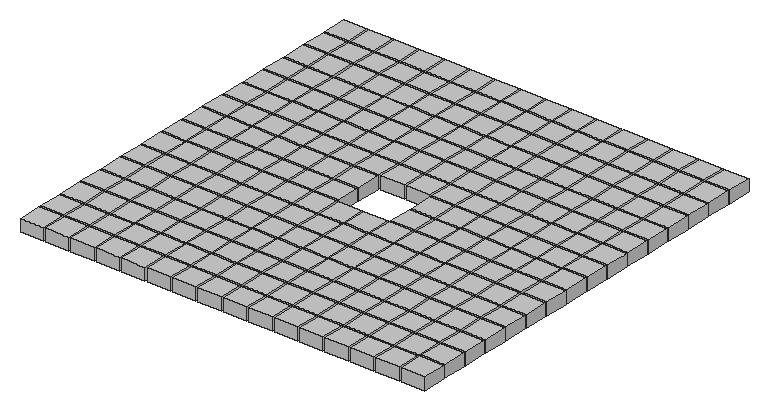
Revit family "Alcorque Ecológico", category Furniture, Revit 2020 (continued)
Forms (m)
  Extrusion 385, solid, material "ReBnew plástico", visible <- "A52"
    sketch origin (-0.5, -1, 0) x (1, 0, 0) y (0, 1, 0)
      loop
        line (-0.495, 0.495) -> (-0.495, 0.38) -> (-0.38, 0.38) -> (-0.38, 0.495) -> (-0.495, 0.495)
    from 0 to 0.06
  Extrusion 386, solid, material "ReBnew plástico", visible <- "A52"
    sketch origin (-0.375, -1, 0) x (1, 0, 0) y (0, 1, 0)
      loop
        line (-0.495, 0.495) -> (-0.495, 0.38) -> (-0.38, 0.38) -> (-0.38, 0.495) -> (-0.495, 0.495)
    from 0 to 0.06
  Extrusion 387, solid, material "ReBnew plástico", visible <- "A52"
    sketch origin (-0.25, -1, 0) x (1, 0, 0) y (0, 1, 0)
      loop
        line (-0.495, 0.495) -> (-0.495, 0.38) -> (-0.38, 0.38) -> (-0.38, 0.495) -> (-0.495, 0.495)
    from 0 to 0.06
  Extrusion 388, solid, material "ReBnew plástico", visible <- "A52"
    sketch origin (0.125, -1, 0) x (1, 0, 0) y (0, 1, 0)
      loop
        line (-0.495, 0.495) -> (-0.495, 0.38) -> (-0.38, 0.38) -> (-0.38, 0.495) -> (-0.495, 0.495)
    from 0 to 0.06
  Extrusion 389, solid, material "ReBnew plástico", visible <- "A52"
    sketch origin (0.25, -1, 0) x (1, 0, 0) y (0, 1, 0)
      loop
        line (-0.495, 0.495) -> (-0.495, 0.38) -> (-0.38, 0.38) -> (-0.38, 0.495) -> (-0.495, 0.495)
    from 0 to 0.06
  Extrusion 390, solid, material "ReBnew plástico", visible <- "A52"
    sketch origin (0.375, -1, 0) x (1, 0, 0) y (0, 1, 0)
      loop
        line (-0.495, 0.495) -> (-0.495, 0.38) -> (-0.38, 0.38) -> (-0.38, 0.495) -> (-0.495, 0.495)
    from 0 to 0.06
  Extrusion 391, solid, material "ReBnew plástico", visible <- "A52"
    sketch origin (-0.5, -1.125, 0) x (1, 0, 0) y (0, 1, 0)
      loop
        line (-0.495, 0.495) -> (-0.495, 0.38) -> (-0.38, 0.38) -> (-0.38, 0.495) -> (-0.495, 0.495)
    from 0 to 0.06
  Extrusion 392, solid, material "ReBnew plástico", visible <- "A52"
    sketch origin (-0.375, -1.125, 0) x (1, 0, 0) y (0, 1, 0)
      loop
        line (-0.495, 0.495) -> (-0.495, 0.38) -> (-0.38, 0.38) -> (-0.38, 0.495) -> (-0.495, 0.495)
    from 0 to 0.06
  Extrusion 393, solid, material "ReBnew plástico", visible <- "A52"
    sketch origin (-0.25, -1.125, 0) x (1, 0, 0) y (0, 1, 0)
      loop
        line (-0.495, 0.495) -> (-0.495, 0.38) -> (-0.38, 0.38) -> (-0.38, 0.495) -> (-0.495, 0.495)
    from 0 to 0.06
  Extrusion 394, solid, material "ReBnew plástico", visible <- "A52"
    sketch origin (-0.125, -1.125, 0) x (1, 0, 0) y (0, 1, 0)
      loop
        line (-0.495, 0.495) -> (-0.495, 0.38) -> (-0.38, 0.38) -> (-0.38, 0.495) -> (-0.495, 0.495)
    from 0 to 0.06
  Extrusion 395, solid, material "ReBnew plástico", visible <- "A52"
    sketch origin (0, -1.125, 0) x (1, 0, 0) y (0, 1, 0)
      loop
        line (-0.495, 0.495) -> (-0.495, 0.38) -> (-0.38, 0.38) -> (-0.38, 0.495) -> (-0.495, 0.495)
    from 0 to 0.06
  Extrusion 396, solid, material "ReBnew plástico", visible <- "A52"
    sketch origin (0.125, -1.125, 0) x (1, 0, 0) y (0, 1, 0)
      loop
        line (-0.495, 0.495) -> (-0.495, 0.38) -> (-0.38, 0.38) -> (-0.38, 0.495) -> (-0.495, 0.495)
    from 0 to 0.06
  Extrusion 397, solid, material "ReBnew plástico", visible <- "A52"
    sketch origin (0.25, -1.125, 0) x (1, 0, 0) y (0, 1, 0)
      loop
        line (-0.495, 0.495) -> (-0.495, 0.38) -> (-0.38, 0.38) -> (-0.38, 0.495) -> (-0.495, 0.495)
    from 0 to 0.06
  Extrusion 398, solid, material "ReBnew plástico", visible <- "A52"
    sketch origin (0.375, -1.125, 0) x (1, 0, 0) y (0, 1, 0)
      loop
        line (-0.495, 0.495) -> (-0.495, 0.38) -> (-0.38, 0.38) -> (-0.38, 0.495) -> (-0.495, 0.495)
    from 0 to 0.06
  Extrusion 399, solid, material "ReBnew plástico", visible <- "A52"
    sketch origin (-0.5, -1.25, 0) x (1, 0, 0) y (0, 1, 0)
      loop
        line (-0.495, 0.495) -> (-0.495, 0.38) -> (-0.38, 0.38) -> (-0.38, 0.495) -> (-0.495, 0.495)
    from 0 to 0.06
  Extrusion 400, solid, material "ReBnew plástico", visible <- "A52"
    sketch origin (-0.375, -1.25, 0) x (1, 0, 0) y (0, 1, 0)
      loop
        line (-0.495, 0.495) -> (-0.495, 0.38) -> (-0.38, 0.38) -> (-0.38, 0.495) -> (-0.495, 0.495)
    from 0 to 0.06
  Extrusion 401, solid, material "ReBnew plástico", visible <- "A52"
    sketch origin (-0.25, -1.25, 0) x (1, 0, 0) y (0, 1, 0)
      loop
        line (-0.495, 0.495) -> (-0.495, 0.38) -> (-0.38, 0.38) -> (-0.38, 0.495) -> (-0.495, 0.495)
    from 0 to 0.06
  Extrusion 402, solid, material "ReBnew plástico", visible <- "A52"
    sketch origin (-0.125, -1.25, 0) x (1, 0, 0) y (0, 1, 0)
      loop
        line (-0.495, 0.495) -> (-0.495, 0.38) -> (-0.38, 0.38) -> (-0.38, 0.495) -> (-0.495, 0.495)
    from 0 to 0.06
  Extrusion 403, solid, material "ReBnew plástico", visible <- "A52"
    sketch origin (0, -1.25, 0) x (1, 0, 0) y (0, 1, 0)
      loop
        line (-0.495, 0.495) -> (-0.495, 0.38) -> (-0.38, 0.38) -> (-0.38, 0.495) -> (-0.495, 0.495)
    from 0 to 0.06
  Extrusion 404, solid, material "ReBnew plástico", visible <- "A52"
    sketch origin (0.125, -1.25, 0) x (1, 0, 0) y (0, 1, 0)
      loop
        line (-0.495, 0.495) -> (-0.495, 0.38) -> (-0.38, 0.38) -> (-0.38, 0.495) -> (-0.495, 0.495)
    from 0 to 0.06
  Extrusion 405, solid, material "ReBnew plástico", visible <- "A52"
    sketch origin (0.25, -1.25, 0) x (1, 0, 0) y (0, 1, 0)
      loop
        line (-0.495, 0.495) -> (-0.495, 0.38) -> (-0.38, 0.38) -> (-0.38, 0.495) -> (-0.495, 0.495)
    from 0 to 0.06
  Extrusion 406, solid, material "ReBnew plástico", visible <- "A52"
    sketch origin (0.375, -1.25, 0) x (1, 0, 0) y (0, 1, 0)
      loop
        line (-0.495, 0.495) -> (-0.495, 0.38) -> (-0.38, 0.38) -> (-0.38, 0.495) -> (-0.495, 0.495)
    from 0 to 0.06
  Extrusion 407, solid, material "ReBnew plástico", visible <- "A52"
    sketch origin (-0.5, -1.375, 0) x (1, 0, 0) y (0, 1, 0)
      loop
        line (-0.495, 0.495) -> (-0.495, 0.38) -> (-0.38, 0.38) -> (-0.38, 0.495) -> (-0.495, 0.495)
    from 0 to 0.06
  Extrusion 408, solid, material "ReBnew plástico", visible <- "A52"
    sketch origin (-0.375, -1.375, 0) x (1, 0, 0) y (0, 1, 0)
      loop
        line (-0.495, 0.495) -> (-0.495, 0.38) -> (-0.38, 0.38) -> (-0.38, 0.495) -> (-0.495, 0.495)
    from 0 to 0.06
  Extrusion 409, solid, material "ReBnew plástico", visible <- "A52"
    sketch origin (-0.25, -1.375, 0) x (1, 0, 0) y (0, 1, 0)
      loop
        line (-0.495, 0.495) -> (-0.495, 0.38) -> (-0.38, 0.38) -> (-0.38, 0.495) -> (-0.495, 0.495)
    from 0 to 0.06
  Extrusion 410, solid, material "ReBnew plástico", visible <- "A52"
    sketch origin (-0.125, -1.375, 0) x (1, 0, 0) y (0, 1, 0)
      loop
        line (-0.495, 0.495) -> (-0.495, 0.38) -> (-0.38, 0.38) -> (-0.38, 0.495) -> (-0.495, 0.495)
    from 0 to 0.06
  Extrusion 411, solid, material "ReBnew plástico", visible <- "A52"
    sketch origin (0, -1.375, 0) x (1, 0, 0) y (0, 1, 0)
      loop
        line (-0.495, 0.495) -> (-0.495, 0.38) -> (-0.38, 0.38) -> (-0.38, 0.495) -> (-0.495, 0.495)
    from 0 to 0.06
  Extrusion 412, solid, material "ReBnew plástico", visible <- "A52"
    sketch origin (0.125, -1.375, 0) x (1, 0, 0) y (0, 1, 0)
      loop
        line (-0.495, 0.495) -> (-0.495, 0.38) -> (-0.38, 0.38) -> (-0.38, 0.495) -> (-0.495, 0.495)
    from 0 to 0.06
  Extrusion 413, solid, material "ReBnew plástico", visible <- "A52"
    sketch origin (0.25, -1.375, 0) x (1, 0, 0) y (0, 1, 0)
      loop
        line (-0.495, 0.495) -> (-0.495, 0.38) -> (-0.38, 0.38) -> (-0.38, 0.495) -> (-0.495, 0.495)
    from 0 to 0.06
  Extrusion 414, solid, material "ReBnew plástico", visible <- "A52"
    sketch origin (0.375, -1.375, 0) x (1, 0, 0) y (0, 1, 0)
      loop
        line (-0.495, 0.495) -> (-0.495, 0.38) -> (-0.38, 0.38) -> (-0.38, 0.495) -> (-0.495, 0.495)
    from 0 to 0.06
  Extrusion 415, solid, material "ReBnew plástico", visible <- "A52"
    sketch origin (0.625, -1, 0) x (1, 0, 0) y (0, 1, 0)
      loop
        line (-0.495, 0.495) -> (-0.495, 0.38) -> (-0.38, 0.38) -> (-0.38, 0.495) -> (-0.495, 0.495)
    from 0 to 0.06
  Extrusion 416, solid, material "ReBnew plástico", visible <- "A52"
    sketch origin (0.75, -1, 0) x (1, 0, 0) y (0, 1, 0)
      loop
        line (-0.495, 0.495) -> (-0.495, 0.38) -> (-0.38, 0.38) -> (-0.38, 0.495) -> (-0.495, 0.495)
    from 0 to 0.06
  Extrusion 417, solid, material "ReBnew plástico", visible <- "A52"
    sketch origin (0.875, -1, 0) x (1, 0, 0) y (0, 1, 0)
      loop
        line (-0.495, 0.495) -> (-0.495, 0.38) -> (-0.38, 0.38) -> (-0.38, 0.495) -> (-0.495, 0.495)
    from 0 to 0.06
  Extrusion 418, solid, material "ReBnew plástico", visible <- "A52"
    sketch origin (0.5, -1.125, 0) x (1, 0, 0) y (0, 1, 0)
      loop
        line (-0.495, 0.495) -> (-0.495, 0.38) -> (-0.38, 0.38) -> (-0.38, 0.495) -> (-0.495, 0.495)
    from 0 to 0.06
  Extrusion 419, solid, material "ReBnew plástico", visible <- "A52"
    sketch origin (0.625, -1.125, 0) x (1, 0, 0) y (0, 1, 0)
      loop
        line (-0.495, 0.495) -> (-0.495, 0.38) -> (-0.38, 0.38) -> (-0.38, 0.495) -> (-0.495, 0.495)
    from 0 to 0.06
  Extrusion 420, solid, material "ReBnew plástico", visible <- "A52"
    sketch origin (0.75, -1.125, 0) x (1, 0, 0) y (0, 1, 0)
      loop
        line (-0.495, 0.495) -> (-0.495, 0.38) -> (-0.38, 0.38) -> (-0.38, 0.495) -> (-0.495, 0.495)
    from 0 to 0.06
  Extrusion 421, solid, material "ReBnew plástico", visible <- "A52"
    sketch origin (0.875, -1.125, 0) x (1, 0, 0) y (0, 1, 0)
      loop
        line (-0.495, 0.495) -> (-0.495, 0.38) -> (-0.38, 0.38) -> (-0.38, 0.495) -> (-0.495, 0.495)
    from 0 to 0.06
  Extrusion 422, solid, material "ReBnew plástico", visible <- "A52"
    sketch origin (0.5, -1.25, 0) x (1, 0, 0) y (0, 1, 0)
      loop
        line (-0.495, 0.495) -> (-0.495, 0.38) -> (-0.38, 0.38) -> (-0.38, 0.495) -> (-0.495, 0.495)
    from 0 to 0.06
  Extrusion 423, solid, material "ReBnew plástico", visible <- "A52"
    sketch origin (0.625, -1.25, 0) x (1, 0, 0) y (0, 1, 0)
      loop
        line (-0.495, 0.495) -> (-0.495, 0.38) -> (-0.38, 0.38) -> (-0.38, 0.495) -> (-0.495, 0.495)
    from 0 to 0.06
  Extrusion 424, solid, material "ReBnew plástico", visible <- "A52"
    sketch origin (0.75, -1.25, 0) x (1, 0, 0) y (0, 1, 0)
      loop
        line (-0.495, 0.495) -> (-0.495, 0.38) -> (-0.38, 0.38) -> (-0.38, 0.495) -> (-0.495, 0.495)
    from 0 to 0.06
  Extrusion 425, solid, material "ReBnew plástico", visible <- "A52"
    sketch origin (0.875, -1.25, 0) x (1, 0, 0) y (0, 1, 0)
      loop
        line (-0.495, 0.495) -> (-0.495, 0.38) -> (-0.38, 0.38) -> (-0.38, 0.495) -> (-0.495, 0.495)
    from 0 to 0.06
  Extrusion 426, solid, material "ReBnew plástico", visible <- "A52"
    sketch origin (0.5, -1.375, 0) x (1, 0, 0) y (0, 1, 0)
      loop
        line (-0.495, 0.495) -> (-0.495, 0.38) -> (-0.38, 0.38) -> (-0.38, 0.495) -> (-0.495, 0.495)
    from 0 to 0.06
  Extrusion 427, solid, material "ReBnew plástico", visible <- "A52"
    sketch origin (0.625, -1.375, 0) x (1, 0, 0) y (0, 1, 0)
      loop
        line (-0.495, 0.495) -> (-0.495, 0.38) -> (-0.38, 0.38) -> (-0.38, 0.495) -> (-0.495, 0.495)
    from 0 to 0.06
  Extrusion 428, solid, material "ReBnew plástico", visible <- "A52"
    sketch origin (0.75, -1.375, 0) x (1, 0, 0) y (0, 1, 0)
      loop
        line (-0.495, 0.495) -> (-0.495, 0.38) -> (-0.38, 0.38) -> (-0.38, 0.495) -> (-0.495, 0.495)
    from 0 to 0.06
  Extrusion 429, solid, material "ReBnew plástico", visible <- "A52"
    sketch origin (0.875, -1.375, 0) x (1, 0, 0) y (0, 1, 0)
      loop
        line (-0.495, 0.495) -> (-0.495, 0.38) -> (-0.38, 0.38) -> (-0.38, 0.495) -> (-0.495, 0.495)
    from 0 to 0.06
  Extrusion 430, solid, material "ReBnew plástico", visible <- "A52"
    sketch origin (-0.125, -1, 0) x (1, 0, 0) y (0, 1, 0)
      loop
        line (-0.495, 0.495) -> (-0.495, 0.38) -> (-0.38, 0.38) -> (-0.38, 0.495) -> (-0.495, 0.495)
    from 0 to 0.06
  Extrusion 431, solid, material "ReBnew plástico", visible <- "A52"
    sketch origin (0, -1, 0) x (1, 0, 0) y (0, 1, 0)
      loop
        line (-0.495, 0.495) -> (-0.495, 0.38) -> (-0.38, 0.38) -> (-0.38, 0.495) -> (-0.495, 0.495)
    from 0 to 0.06
  Extrusion 432, solid, material "ReBnew plástico", visible <- "A52"
    sketch origin (0.5, -1, 0) x (1, 0, 0) y (0, 1, 0)
      loop
        line (-0.495, 0.495) -> (-0.495, 0.38) -> (-0.38, 0.38) -> (-0.38, 0.495) -> (-0.495, 0.495)
    from 0 to 0.06
  Extrusion 433, solid, material "ReBnew plástico", visible <- "A52"
    sketch origin (1.125, -1, 0) x (1, 0, 0) y (0, 1, 0)
      loop
        line (-0.495, 0.495) -> (-0.495, 0.38) -> (-0.38, 0.38) -> (-0.38, 0.495) -> (-0.495, 0.495)
    from 0 to 0.06
  Extrusion 434, solid, material "ReBnew plástico", visible <- "A52"
    sketch origin (1.25, -1, 0) x (1, 0, 0) y (0, 1, 0)
      loop
        line (-0.495, 0.495) -> (-0.495, 0.38) -> (-0.38, 0.38) -> (-0.38, 0.495) -> (-0.495, 0.495)
    from 0 to 0.06
  Extrusion 435, solid, material "ReBnew plástico", visible <- "A52"
    sketch origin (1.375, -1, 0) x (1, 0, 0) y (0, 1, 0)
      loop
        line (-0.495, 0.495) -> (-0.495, 0.38) -> (-0.38, 0.38) -> (-0.38, 0.495) -> (-0.495, 0.495)
    from 0 to 0.06
  Extrusion 436, solid, material "ReBnew plástico", visible <- "A52"
    sketch origin (1, -1.125, 0) x (1, 0, 0) y (0, 1, 0)
      loop
        line (-0.495, 0.495) -> (-0.495, 0.38) -> (-0.38, 0.38) -> (-0.38, 0.495) -> (-0.495, 0.495)
    from 0 to 0.06
  Extrusion 437, solid, material "ReBnew plástico", visible <- "A52"
    sketch origin (1.125, -1.125, 0) x (1, 0, 0) y (0, 1, 0)
      loop
        line (-0.495, 0.495) -> (-0.495, 0.38) -> (-0.38, 0.38) -> (-0.38, 0.495) -> (-0.495, 0.495)
    from 0 to 0.06
  Extrusion 438, solid, material "ReBnew plástico", visible <- "A52"
    sketch origin (1.25, -1.125, 0) x (1, 0, 0) y (0, 1, 0)
      loop
        line (-0.495, 0.495) -> (-0.495, 0.38) -> (-0.38, 0.38) -> (-0.38, 0.495) -> (-0.495, 0.495)
    from 0 to 0.06
  Extrusion 439, solid, material "ReBnew plástico", visible <- "A52"
    sketch origin (1.375, -1.125, 0) x (1, 0, 0) y (0, 1, 0)
      loop
        line (-0.495, 0.495) -> (-0.495, 0.38) -> (-0.38, 0.38) -> (-0.38, 0.495) -> (-0.495, 0.495)
    from 0 to 0.06
  Extrusion 440, solid, material "ReBnew plástico", visible <- "A52"
    sketch origin (1, -1.25, 0) x (1, 0, 0) y (0, 1, 0)
      loop
        line (-0.495, 0.495) -> (-0.495, 0.38) -> (-0.38, 0.38) -> (-0.38, 0.495) -> (-0.495, 0.495)
    from 0 to 0.06
  Extrusion 441, solid, material "ReBnew plástico", visible <- "A52"
    sketch origin (1.125, -1.25, 0) x (1, 0, 0) y (0, 1, 0)
      loop
        line (-0.495, 0.495) -> (-0.495, 0.38) -> (-0.38, 0.38) -> (-0.38, 0.495) -> (-0.495, 0.495)
    from 0 to 0.06
  Extrusion 442, solid, material "ReBnew plástico", visible <- "A52"
    sketch origin (1.25, -1.25, 0) x (1, 0, 0) y (0, 1, 0)
      loop
        line (-0.495, 0.495) -> (-0.495, 0.38) -> (-0.38, 0.38) -> (-0.38, 0.495) -> (-0.495, 0.495)
    from 0 to 0.06
  Extrusion 443, solid, material "ReBnew plástico", visible <- "A52"
    sketch origin (1.375, -1.25, 0) x (1, 0, 0) y (0, 1, 0)
      loop
        line (-0.495, 0.495) -> (-0.495, 0.38) -> (-0.38, 0.38) -> (-0.38, 0.495) -> (-0.495, 0.495)
    from 0 to 0.06
  Extrusion 444, solid, material "ReBnew plástico", visible <- "A52"
    sketch origin (1, -1.375, 0) x (1, 0, 0) y (0, 1, 0)
      loop
        line (-0.495, 0.495) -> (-0.495, 0.38) -> (-0.38, 0.38) -> (-0.38, 0.495) -> (-0.495, 0.495)
    from 0 to 0.06
  Extrusion 445, solid, material "ReBnew plástico", visible <- "A52"
    sketch origin (1.125, -1.375, 0) x (1, 0, 0) y (0, 1, 0)
      loop
        line (-0.495, 0.495) -> (-0.495, 0.38) -> (-0.38, 0.38) -> (-0.38, 0.495) -> (-0.495, 0.495)
    from 0 to 0.06
  Extrusion 446, solid, material "ReBnew plástico", visible <- "A52"
    sketch origin (1.25, -1.375, 0) x (1, 0, 0) y (0, 1, 0)
      loop
        line (-0.495, 0.495) -> (-0.495, 0.38) -> (-0.38, 0.38) -> (-0.38, 0.495) -> (-0.495, 0.495)
    from 0 to 0.06
  Extrusion 447, solid, material "ReBnew plástico", visible <- "A52"
    sketch origin (1.375, -1.375, 0) x (1, 0, 0) y (0, 1, 0)
      loop
        line (-0.495, 0.495) -> (-0.495, 0.38) -> (-0.38, 0.38) -> (-0.38, 0.495) -> (-0.495, 0.495)
    from 0 to 0.06
  Extrusion 448, solid, material "ReBnew plástico", visible <- "A52"
    sketch origin (1, -1, 0) x (1, 0, 0) y (0, 1, 0)
      loop
        line (-0.495, 0.495) -> (-0.495, 0.38) -> (-0.38, 0.38) -> (-0.38, 0.495) -> (-0.495, 0.495)
    from 0 to 0.06
  Extrusion 449, solid, material "ReBnew plástico", visible <- "A52"
    sketch origin (0.125, -0.125, 0) x (1, 0, 0) y (0, 1, 0)
      loop
        line (-0.495, 0.495) -> (-0.495, 0.38) -> (-0.38, 0.38) -> (-0.38, 0.495) -> (-0.495, 0.495)
    from 0 to 0.06
  Extrusion 450, solid, material "ReBnew plástico", visible <- "A52"
    sketch origin (0.25, -0.125, 0) x (1, 0, 0) y (0, 1, 0)
      loop
        line (-0.495, 0.495) -> (-0.495, 0.38) -> (-0.38, 0.38) -> (-0.38, 0.495) -> (-0.495, 0.495)
    from 0 to 0.06
  Extrusion 451, solid, material "ReBnew plástico", visible <- "A52"
    sketch origin (0.125, -0.25, 0) x (1, 0, 0) y (0, 1, 0)
      loop
        line (-0.495, 0.495) -> (-0.495, 0.38) -> (-0.38, 0.38) -> (-0.38, 0.495) -> (-0.495, 0.495)
    from 0 to 0.06
  Extrusion 452, solid, material "ReBnew plástico", visible <- "A52"
    sketch origin (0.25, -0.25, 0) x (1, 0, 0) y (0, 1, 0)
      loop
        line (-0.495, 0.495) -> (-0.495, 0.38) -> (-0.38, 0.38) -> (-0.38, 0.495) -> (-0.495, 0.495)
    from 0 to 0.06
  Extrusion 453, solid, material "ReBnew plástico", visible <- "A50", not visible
    sketch origin (0, 0, 0) x (1, 0, 0) y (0, 1, 0)
      loop
        line (-0.495, 0.495) -> (-0.495, 0.38) -> (-0.38, 0.38) -> (-0.38, 0.495) -> (-0.495, 0.495)
    from 0 to 0.06
  Extrusion 454, solid, material "ReBnew plástico", visible <- "A50", not visible
    sketch origin (0.125, 0, 0) x (1, 0, 0) y (0, 1, 0)
      loop
        line (-0.495, 0.495) -> (-0.495, 0.38) -> (-0.38, 0.38) -> (-0.38, 0.495) -> (-0.495, 0.495)
    from 0 to 0.06
  Extrusion 455, solid, material "ReBnew plástico", visible <- "A50", not visible
    sketch origin (0.25, 0, 0) x (1, 0, 0) y (0, 1, 0)
      loop
        line (-0.495, 0.495) -> (-0.495, 0.38) -> (-0.38, 0.38) -> (-0.38, 0.495) -> (-0.495, 0.495)
    from 0 to 0.06
  Extrusion 456, solid, material "ReBnew plástico", visible <- "A50", not visible
    sketch origin (0.375, 0, 0) x (1, 0, 0) y (0, 1, 0)
      loop
        line (-0.495, 0.495) -> (-0.495, 0.38) -> (-0.38, 0.38) -> (-0.38, 0.495) -> (-0.495, 0.495)
    from 0 to 0.06
  Extrusion 457, solid, material "ReBnew plástico", visible <- "A50", not visible
    sketch origin (0.5, 0, 0) x (1, 0, 0) y (0, 1, 0)
      loop
        line (-0.495, 0.495) -> (-0.495, 0.38) -> (-0.38, 0.38) -> (-0.38, 0.495) -> (-0.495, 0.495)
    from 0 to 0.06
  Extrusion 458, solid, material "ReBnew plástico", visible <- "A50", not visible
    sketch origin (0.625, 0, 0) x (1, 0, 0) y (0, 1, 0)
      loop
        line (-0.495, 0.495) -> (-0.495, 0.38) -> (-0.38, 0.38) -> (-0.38, 0.495) -> (-0.495, 0.495)
    from 0 to 0.06
  Extrusion 459, solid, material "ReBnew plástico", visible <- "A50", not visible
    sketch origin (0.75, 0, 0) x (1, 0, 0) y (0, 1, 0)
      loop
        line (-0.495, 0.495) -> (-0.495, 0.38) -> (-0.38, 0.38) -> (-0.38, 0.495) -> (-0.495, 0.495)
    from 0 to 0.06
  Extrusion 460, solid, material "ReBnew plástico", visible <- "A50", not visible
    sketch origin (0.875, 0, 0) x (1, 0, 0) y (0, 1, 0)
      loop
        line (-0.495, 0.495) -> (-0.495, 0.38) -> (-0.38, 0.38) -> (-0.38, 0.495) -> (-0.495, 0.495)
    from 0 to 0.06
  Extrusion 461, solid, material "ReBnew plástico", visible <- "A50", not visible
    sketch origin (0, -0.125, 0) x (1, 0, 0) y (0, 1, 0)
      loop
        line (-0.495, 0.495) -> (-0.495, 0.38) -> (-0.38, 0.38) -> (-0.38, 0.495) -> (-0.495, 0.495)
    from 0 to 0.06
  Extrusion 462, solid, material "ReBnew plástico", visible <- "A50", not visible
    sketch origin (0.125, -0.125, 0) x (1, 0, 0) y (0, 1, 0)
      loop
        line (-0.495, 0.495) -> (-0.495, 0.38) -> (-0.38, 0.38) -> (-0.38, 0.495) -> (-0.495, 0.495)
    from 0 to 0.06
  Extrusion 463, solid, material "ReBnew plástico", visible <- "A50", not visible
    sketch origin (0.25, -0.125, 0) x (1, 0, 0) y (0, 1, 0)
      loop
        line (-0.495, 0.495) -> (-0.495, 0.38) -> (-0.38, 0.38) -> (-0.38, 0.495) -> (-0.495, 0.495)
    from 0 to 0.06
  Extrusion 464, solid, material "ReBnew plástico", visible <- "A50", not visible
    sketch origin (0.375, -0.125, 0) x (1, 0, 0) y (0, 1, 0)
      loop
        line (-0.495, 0.495) -> (-0.495, 0.38) -> (-0.38, 0.38) -> (-0.38, 0.495) -> (-0.495, 0.495)
    from 0 to 0.06
  Extrusion 465, solid, material "ReBnew plástico", visible <- "A50", not visible
    sketch origin (0.5, -0.125, 0) x (1, 0, 0) y (0, 1, 0)
      loop
        line (-0.495, 0.495) -> (-0.495, 0.38) -> (-0.38, 0.38) -> (-0.38, 0.495) -> (-0.495, 0.495)
    from 0 to 0.06
  Extrusion 466, solid, material "ReBnew plástico", visible <- "A50", not visible
    sketch origin (0.625, -0.125, 0) x (1, 0, 0) y (0, 1, 0)
      loop
        line (-0.495, 0.495) -> (-0.495, 0.38) -> (-0.38, 0.38) -> (-0.38, 0.495) -> (-0.495, 0.495)
    from 0 to 0.06
  Extrusion 467, solid, material "ReBnew plástico", visible <- "A50", not visible
    sketch origin (0.75, -0.125, 0) x (1, 0, 0) y (0, 1, 0)
      loop
        line (-0.495, 0.495) -> (-0.495, 0.38) -> (-0.38, 0.38) -> (-0.38, 0.495) -> (-0.495, 0.495)
    from 0 to 0.06
  Extrusion 468, solid, material "ReBnew plástico", visible <- "A50", not visible
    sketch origin (0.875, -0.125, 0) x (1, 0, 0) y (0, 1, 0)
      loop
        line (-0.495, 0.495) -> (-0.495, 0.38) -> (-0.38, 0.38) -> (-0.38, 0.495) -> (-0.495, 0.495)
    from 0 to 0.06
  Extrusion 469, solid, material "ReBnew plástico", visible <- "A50", not visible
    sketch origin (0, -0.25, 0) x (1, 0, 0) y (0, 1, 0)
      loop
        line (-0.495, 0.495) -> (-0.495, 0.38) -> (-0.38, 0.38) -> (-0.38, 0.495) -> (-0.495, 0.495)
    from 0 to 0.06
  Extrusion 470, solid, material "ReBnew plástico", visible <- "A50", not visible
    sketch origin (0.125, -0.25, 0) x (1, 0, 0) y (0, 1, 0)
      loop
        line (-0.495, 0.495) -> (-0.495, 0.38) -> (-0.38, 0.38) -> (-0.38, 0.495) -> (-0.495, 0.495)
    from 0 to 0.06
  Extrusion 471, solid, material "ReBnew plástico", visible <- "A50", not visible
    sketch origin (0.25, -0.25, 0) x (1, 0, 0) y (0, 1, 0)
      loop
        line (-0.495, 0.495) -> (-0.495, 0.38) -> (-0.38, 0.38) -> (-0.38, 0.495) -> (-0.495, 0.495)
    from 0 to 0.06
  Extrusion 472, solid, material "ReBnew plástico", visible <- "A50", not visible
    sketch origin (0.375, -0.25, 0) x (1, 0, 0) y (0, 1, 0)
      loop
        line (-0.495, 0.495) -> (-0.495, 0.38) -> (-0.38, 0.38) -> (-0.38, 0.495) -> (-0.495, 0.495)
    from 0 to 0.06
  Extrusion 473, solid, material "ReBnew plástico", visible <- "A50", not visible
    sketch origin (0.5, -0.25, 0) x (1, 0, 0) y (0, 1, 0)
      loop
        line (-0.495, 0.495) -> (-0.495, 0.38) -> (-0.38, 0.38) -> (-0.38, 0.495) -> (-0.495, 0.495)
    from 0 to 0.06
  Extrusion 474, solid, material "ReBnew plástico", visible <- "A50", not visible
    sketch origin (0.625, -0.25, 0) x (1, 0, 0) y (0, 1, 0)
      loop
        line (-0.495, 0.495) -> (-0.495, 0.38) -> (-0.38, 0.38) -> (-0.38, 0.495) -> (-0.495, 0.495)
    from 0 to 0.06
  Extrusion 475, solid, material "ReBnew plástico", visible <- "A50", not visible
    sketch origin (0.75, -0.25, 0) x (1, 0, 0) y (0, 1, 0)
      loop
        line (-0.495, 0.495) -> (-0.495, 0.38) -> (-0.38, 0.38) -> (-0.38, 0.495) -> (-0.495, 0.495)
    from 0 to 0.06
  Extrusion 476, solid, material "ReBnew plástico", visible <- "A50", not visible
    sketch origin (0.875, -0.25, 0) x (1, 0, 0) y (0, 1, 0)
      loop
        line (-0.495, 0.495) -> (-0.495, 0.38) -> (-0.38, 0.38) -> (-0.38, 0.495) -> (-0.495, 0.495)
    from 0 to 0.06
  Extrusion 477, solid, material "ReBnew plástico", visible <- "A50", not visible
    sketch origin (0, -0.375, 0) x (1, 0, 0) y (0, 1, 0)
      loop
        line (-0.495, 0.495) -> (-0.495, 0.38) -> (-0.38, 0.38) -> (-0.38, 0.495) -> (-0.495, 0.495)
    from 0 to 0.06
  Extrusion 478, solid, material "ReBnew plástico", visible <- "A50", not visible
    sketch origin (0.125, -0.375, 0) x (1, 0, 0) y (0, 1, 0)
      loop
        line (-0.495, 0.495) -> (-0.495, 0.38) -> (-0.38, 0.38) -> (-0.38, 0.495) -> (-0.495, 0.495)
    from 0 to 0.06
  Extrusion 479, solid, material "ReBnew plástico", visible <- "A50", not visible
    sketch origin (0.25, -0.375, 0) x (1, 0, 0) y (0, 1, 0)
      loop
        line (-0.495, 0.495) -> (-0.495, 0.38) -> (-0.38, 0.38) -> (-0.38, 0.495) -> (-0.495, 0.495)
    from 0 to 0.06
  Extrusion 480, solid, material "ReBnew plástico", visible <- "A50", not visible
    sketch origin (0.625, -0.375, 0) x (1, 0, 0) y (0, 1, 0)
      loop
        line (-0.495, 0.495) -> (-0.495, 0.38) -> (-0.38, 0.38) -> (-0.38, 0.495) -> (-0.495, 0.495)
    from 0 to 0.06
  Extrusion 481, solid, material "ReBnew plástico", visible <- "A50", not visible
    sketch origin (0.75, -0.375, 0) x (1, 0, 0) y (0, 1, 0)
      loop
        line (-0.495, 0.495) -> (-0.495, 0.38) -> (-0.38, 0.38) -> (-0.38, 0.495) -> (-0.495, 0.495)
    from 0 to 0.06
  Extrusion 482, solid, material "ReBnew plástico", visible <- "A50", not visible
    sketch origin (0.875, -0.375, 0) x (1, 0, 0) y (0, 1, 0)
      loop
        line (-0.495, 0.495) -> (-0.495, 0.38) -> (-0.38, 0.38) -> (-0.38, 0.495) -> (-0.495, 0.495)
    from 0 to 0.06
  Extrusion 483, solid, material "ReBnew plástico", visible <- "A50", not visible
    sketch origin (0, -0.5, 0) x (1, 0, 0) y (0, 1, 0)
      loop
        line (-0.495, 0.495) -> (-0.495, 0.38) -> (-0.38, 0.38) -> (-0.38, 0.495) -> (-0.495, 0.495)
    from 0 to 0.06
  Extrusion 484, solid, material "ReBnew plástico", visible <- "A50", not visible
    sketch origin (0.125, -0.5, 0) x (1, 0, 0) y (0, 1, 0)
      loop
        line (-0.495, 0.495) -> (-0.495, 0.38) -> (-0.38, 0.38) -> (-0.38, 0.495) -> (-0.495, 0.495)
    from 0 to 0.06
  Extrusion 485, solid, material "ReBnew plástico", visible <- "A50", not visible
    sketch origin (0.25, -0.5, 0) x (1, 0, 0) y (0, 1, 0)
      loop
        line (-0.495, 0.495) -> (-0.495, 0.38) -> (-0.38, 0.38) -> (-0.38, 0.495) -> (-0.495, 0.495)
    from 0 to 0.06
  Extrusion 486, solid, material "ReBnew plástico", visible <- "A50", not visible
    sketch origin (0.625, -0.5, 0) x (1, 0, 0) y (0, 1, 0)
      loop
        line (-0.495, 0.495) -> (-0.495, 0.38) -> (-0.38, 0.38) -> (-0.38, 0.495) -> (-0.495, 0.495)
    from 0 to 0.06
  Extrusion 487, solid, material "ReBnew plástico", visible <- "A50", not visible
    sketch origin (0.75, -0.5, 0) x (1, 0, 0) y (0, 1, 0)
      loop
        line (-0.495, 0.495) -> (-0.495, 0.38) -> (-0.38, 0.38) -> (-0.38, 0.495) -> (-0.495, 0.495)
    from 0 to 0.06
  Extrusion 488, solid, material "ReBnew plástico", visible <- "A50", not visible
    sketch origin (0.875, -0.5, 0) x (1, 0, 0) y (0, 1, 0)
      loop
        line (-0.495, 0.495) -> (-0.495, 0.38) -> (-0.38, 0.38) -> (-0.38, 0.495) -> (-0.495, 0.495)
    from 0 to 0.06
  Extrusion 489, solid, material "ReBnew plástico", visible <- "A50", not visible
    sketch origin (0, -0.625, 0) x (1, 0, 0) y (0, 1, 0)
      loop
        line (-0.495, 0.495) -> (-0.495, 0.38) -> (-0.38, 0.38) -> (-0.38, 0.495) -> (-0.495, 0.495)
    from 0 to 0.06
  Extrusion 490, solid, material "ReBnew plástico", visible <- "A50", not visible
    sketch origin (0.125, -0.625, 0) x (1, 0, 0) y (0, 1, 0)
      loop
        line (-0.495, 0.495) -> (-0.495, 0.38) -> (-0.38, 0.38) -> (-0.38, 0.495) -> (-0.495, 0.495)
    from 0 to 0.06
  Extrusion 491, solid, material "ReBnew plástico", visible <- "A50", not visible
    sketch origin (0.25, -0.625, 0) x (1, 0, 0) y (0, 1, 0)
      loop
        line (-0.495, 0.495) -> (-0.495, 0.38) -> (-0.38, 0.38) -> (-0.38, 0.495) -> (-0.495, 0.495)
    from 0 to 0.06
  Extrusion 492, solid, material "ReBnew plástico", visible <- "A50", not visible
    sketch origin (0.375, -0.625, 0) x (1, 0, 0) y (0, 1, 0)
      loop
        line (-0.495, 0.495) -> (-0.495, 0.38) -> (-0.38, 0.38) -> (-0.38, 0.495) -> (-0.495, 0.495)
    from 0 to 0.06
  Extrusion 493, solid, material "ReBnew plástico", visible <- "A50", not visible
    sketch origin (0.5, -0.625, 0) x (1, 0, 0) y (0, 1, 0)
      loop
        line (-0.495, 0.495) -> (-0.495, 0.38) -> (-0.38, 0.38) -> (-0.38, 0.495) -> (-0.495, 0.495)
    from 0 to 0.06
  Extrusion 494, solid, material "ReBnew plástico", visible <- "A50", not visible
    sketch origin (0.625, -0.625, 0) x (1, 0, 0) y (0, 1, 0)
      loop
        line (-0.495, 0.495) -> (-0.495, 0.38) -> (-0.38, 0.38) -> (-0.38, 0.495) -> (-0.495, 0.495)
    from 0 to 0.06
  Extrusion 495, solid, material "ReBnew plástico", visible <- "A50", not visible
    sketch origin (0.75, -0.625, 0) x (1, 0, 0) y (0, 1, 0)
      loop
        line (-0.495, 0.495) -> (-0.495, 0.38) -> (-0.38, 0.38) -> (-0.38, 0.495) -> (-0.495, 0.495)
    from 0 to 0.06
  Extrusion 496, solid, material "ReBnew plástico", visible <- "A50", not visible
    sketch origin (0.875, -0.625, 0) x (1, 0, 0) y (0, 1, 0)
      loop
        line (-0.495, 0.495) -> (-0.495, 0.38) -> (-0.38, 0.38) -> (-0.38, 0.495) -> (-0.495, 0.495)
    from 0 to 0.06
  Extrusion 497, solid, material "ReBnew plástico", visible <- "A50", not visible
    sketch origin (0, -0.75, 0) x (1, 0, 0) y (0, 1, 0)
      loop
        line (-0.495, 0.495) -> (-0.495, 0.38) -> (-0.38, 0.38) -> (-0.38, 0.495) -> (-0.495, 0.495)
    from 0 to 0.06
  Extrusion 498, solid, material "ReBnew plástico", visible <- "A50", not visible
    sketch origin (0.125, -0.75, 0) x (1, 0, 0) y (0, 1, 0)
      loop
        line (-0.495, 0.495) -> (-0.495, 0.38) -> (-0.38, 0.38) -> (-0.38, 0.495) -> (-0.495, 0.495)
    from 0 to 0.06
  Extrusion 499, solid, material "ReBnew plástico", visible <- "A50", not visible
    sketch origin (0.25, -0.75, 0) x (1, 0, 0) y (0, 1, 0)
      loop
        line (-0.495, 0.495) -> (-0.495, 0.38) -> (-0.38, 0.38) -> (-0.38, 0.495) -> (-0.495, 0.495)
    from 0 to 0.06
  Extrusion 500, solid, material "ReBnew plástico", visible <- "A50", not visible
    sketch origin (0.375, -0.75, 0) x (1, 0, 0) y (0, 1, 0)
      loop
        line (-0.495, 0.495) -> (-0.495, 0.38) -> (-0.38, 0.38) -> (-0.38, 0.495) -> (-0.495, 0.495)
    from 0 to 0.06
  Extrusion 501, solid, material "ReBnew plástico", visible <- "A50", not visible
    sketch origin (0.5, -0.75, 0) x (1, 0, 0) y (0, 1, 0)
      loop
        line (-0.495, 0.495) -> (-0.495, 0.38) -> (-0.38, 0.38) -> (-0.38, 0.495) -> (-0.495, 0.495)
    from 0 to 0.06
  Extrusion 502, solid, material "ReBnew plástico", visible <- "A50", not visible
    sketch origin (0.625, -0.75, 0) x (1, 0, 0) y (0, 1, 0)
      loop
        line (-0.495, 0.495) -> (-0.495, 0.38) -> (-0.38, 0.38) -> (-0.38, 0.495) -> (-0.495, 0.495)
    from 0 to 0.06
  Extrusion 503, solid, material "ReBnew plástico", visible <- "A50", not visible
    sketch origin (0.75, -0.75, 0) x (1, 0, 0) y (0, 1, 0)
      loop
        line (-0.495, 0.495) -> (-0.495, 0.38) -> (-0.38, 0.38) -> (-0.38, 0.495) -> (-0.495, 0.495)
    from 0 to 0.06
  Extrusion 504, solid, material "ReBnew plástico", visible <- "A50", not visible
    sketch origin (0.875, -0.75, 0) x (1, 0, 0) y (0, 1, 0)
      loop
        line (-0.495, 0.495) -> (-0.495, 0.38) -> (-0.38, 0.38) -> (-0.38, 0.495) -> (-0.495, 0.495)
    from 0 to 0.06
  Extrusion 505, solid, material "ReBnew plástico", visible <- "A50", not visible
    sketch origin (0, -0.875, 0) x (1, 0, 0) y (0, 1, 0)
      loop
        line (-0.495, 0.495) -> (-0.495, 0.38) -> (-0.38, 0.38) -> (-0.38, 0.495) -> (-0.495, 0.495)
    from 0 to 0.06
  Extrusion 506, solid, material "ReBnew plástico", visible <- "A50", not visible
    sketch origin (0.125, -0.875, 0) x (1, 0, 0) y (0, 1, 0)
      loop
        line (-0.495, 0.495) -> (-0.495, 0.38) -> (-0.38, 0.38) -> (-0.38, 0.495) -> (-0.495, 0.495)
    from 0 to 0.06
  Extrusion 507, solid, material "ReBnew plástico", visible <- "A50", not visible
    sketch origin (0.25, -0.875, 0) x (1, 0, 0) y (0, 1, 0)
      loop
        line (-0.495, 0.495) -> (-0.495, 0.38) -> (-0.38, 0.38) -> (-0.38, 0.495) -> (-0.495, 0.495)
    from 0 to 0.06
  Extrusion 508, solid, material "ReBnew plástico", visible <- "A50", not visible
    sketch origin (0.375, -0.875, 0) x (1, 0, 0) y (0, 1, 0)
      loop
        line (-0.495, 0.495) -> (-0.495, 0.38) -> (-0.38, 0.38) -> (-0.38, 0.495) -> (-0.495, 0.495)
    from 0 to 0.06
  Extrusion 509, solid, material "ReBnew plástico", visible <- "A50", not visible
    sketch origin (0.5, -0.875, 0) x (1, 0, 0) y (0, 1, 0)
      loop
        line (-0.495, 0.495) -> (-0.495, 0.38) -> (-0.38, 0.38) -> (-0.38, 0.495) -> (-0.495, 0.495)
    from 0 to 0.06
  Extrusion 510, solid, material "ReBnew plástico", visible <- "A50", not visible
    sketch origin (0.625, -0.875, 0) x (1, 0, 0) y (0, 1, 0)
      loop
        line (-0.495, 0.495) -> (-0.495, 0.38) -> (-0.38, 0.38) -> (-0.38, 0.495) -> (-0.495, 0.495)
    from 0 to 0.06
  Extrusion 511, solid, material "ReBnew plástico", visible <- "A50", not visible
    sketch origin (0.75, -0.875, 0) x (1, 0, 0) y (0, 1, 0)
      loop
        line (-0.495, 0.495) -> (-0.495, 0.38) -> (-0.38, 0.38) -> (-0.38, 0.495) -> (-0.495, 0.495)
    from 0 to 0.06
  Extrusion 512, solid, material "ReBnew plástico", visible <- "A50", not visible
    sketch origin (0.875, -0.875, 0) x (1, 0, 0) y (0, 1, 0)
      loop
        line (-0.495, 0.495) -> (-0.495, 0.38) -> (-0.38, 0.38) -> (-0.38, 0.495) -> (-0.495, 0.495)
    from 0 to 0.06
  Extrusion 513, solid, material "ReBnew plástico", visible <- "A51", not visible
    sketch origin (1.6, 0, 0) x (1, 0, 0) y (0, 1, 0)
      loop
        line (-0.495, 0.495) -> (-0.495, 0.38) -> (-0.38, 0.38) -> (-0.38, 0.495) -> (-0.495, 0.495)
    from 0 to 0.06
  Extrusion 514, solid, material "ReBnew plástico", visible <- "A51", not visible
    sketch origin (1.725, 0, 0) x (1, 0, 0) y (0, 1, 0)
      loop
        line (-0.495, 0.495) -> (-0.495, 0.38) -> (-0.38, 0.38) -> (-0.38, 0.495) -> (-0.495, 0.495)
    from 0 to 0.06
  Extrusion 515, solid, material "ReBnew plástico", visible <- "A51", not visible
    sketch origin (1.85, 0, 0) x (1, 0, 0) y (0, 1, 0)
      loop
        line (-0.495, 0.495) -> (-0.495, 0.38) -> (-0.38, 0.38) -> (-0.38, 0.495) -> (-0.495, 0.495)
    from 0 to 0.06
  Extrusion 516, solid, material "ReBnew plástico", visible <- "A51", not visible
    sketch origin (1.975, 0, 0) x (1, 0, 0) y (0, 1, 0)
      loop
        line (-0.495, 0.495) -> (-0.495, 0.38) -> (-0.38, 0.38) -> (-0.38, 0.495) -> (-0.495, 0.495)
    from 0 to 0.06
  Extrusion 517, solid, material "ReBnew plástico", visible <- "A51", not visible
    sketch origin (2.1, 0, 0) x (1, 0, 0) y (0, 1, 0)
      loop
        line (-0.495, 0.495) -> (-0.495, 0.38) -> (-0.38, 0.38) -> (-0.38, 0.495) -> (-0.495, 0.495)
    from 0 to 0.06
  Extrusion 518, solid, material "ReBnew plástico", visible <- "A51", not visible
    sketch origin (2.225, 0, 0) x (1, 0, 0) y (0, 1, 0)
      loop
        line (-0.495, 0.495) -> (-0.495, 0.38) -> (-0.38, 0.38) -> (-0.38, 0.495) -> (-0.495, 0.495)
    from 0 to 0.06
  Extrusion 519, solid, material "ReBnew plástico", visible <- "A51", not visible
    sketch origin (2.35, 0, 0) x (1, 0, 0) y (0, 1, 0)
      loop
        line (-0.495, 0.495) -> (-0.495, 0.38) -> (-0.38, 0.38) -> (-0.38, 0.495) -> (-0.495, 0.495)
    from 0 to 0.06
  Extrusion 520, solid, material "ReBnew plástico", visible <- "A51", not visible
    sketch origin (2.475, 0, 0) x (1, 0, 0) y (0, 1, 0)
      loop
        line (-0.495, 0.495) -> (-0.495, 0.38) -> (-0.38, 0.38) -> (-0.38, 0.495) -> (-0.495, 0.495)
    from 0 to 0.06
  Extrusion 521, solid, material "ReBnew plástico", visible <- "A51", not visible
    sketch origin (1.6, -0.125, 0) x (1, 0, 0) y (0, 1, 0)
      loop
        line (-0.495, 0.495) -> (-0.495, 0.38) -> (-0.38, 0.38) -> (-0.38, 0.495) -> (-0.495, 0.495)
    from 0 to 0.06
  Extrusion 522, solid, material "ReBnew plástico", visible <- "A51", not visible
    sketch origin (1.725, -0.125, 0) x (1, 0, 0) y (0, 1, 0)
      loop
        line (-0.495, 0.495) -> (-0.495, 0.38) -> (-0.38, 0.38) -> (-0.38, 0.495) -> (-0.495, 0.495)
    from 0 to 0.06
  Extrusion 523, solid, material "ReBnew plástico", visible <- "A51", not visible
    sketch origin (1.85, -0.125, 0) x (1, 0, 0) y (0, 1, 0)
      loop
        line (-0.495, 0.495) -> (-0.495, 0.38) -> (-0.38, 0.38) -> (-0.38, 0.495) -> (-0.495, 0.495)
    from 0 to 0.06
  Extrusion 524, solid, material "ReBnew plástico", visible <- "A51", not visible
    sketch origin (1.975, -0.125, 0) x (1, 0, 0) y (0, 1, 0)
      loop
        line (-0.495, 0.495) -> (-0.495, 0.38) -> (-0.38, 0.38) -> (-0.38, 0.495) -> (-0.495, 0.495)
    from 0 to 0.06
  Extrusion 525, solid, material "ReBnew plástico", visible <- "A51", not visible
    sketch origin (2.1, -0.125, 0) x (1, 0, 0) y (0, 1, 0)
      loop
        line (-0.495, 0.495) -> (-0.495, 0.38) -> (-0.38, 0.38) -> (-0.38, 0.495) -> (-0.495, 0.495)
    from 0 to 0.06
  Extrusion 526, solid, material "ReBnew plástico", visible <- "A51", not visible
    sketch origin (2.225, -0.125, 0) x (1, 0, 0) y (0, 1, 0)
      loop
        line (-0.495, 0.495) -> (-0.495, 0.38) -> (-0.38, 0.38) -> (-0.38, 0.495) -> (-0.495, 0.495)
    from 0 to 0.06
  Extrusion 527, solid, material "ReBnew plástico", visible <- "A51", not visible
    sketch origin (2.35, -0.125, 0) x (1, 0, 0) y (0, 1, 0)
      loop
        line (-0.495, 0.495) -> (-0.495, 0.38) -> (-0.38, 0.38) -> (-0.38, 0.495) -> (-0.495, 0.495)
    from 0 to 0.06
  Extrusion 528, solid, material "ReBnew plástico", visible <- "A51", not visible
    sketch origin (2.475, -0.125, 0) x (1, 0, 0) y (0, 1, 0)
      loop
        line (-0.495, 0.495) -> (-0.495, 0.38) -> (-0.38, 0.38) -> (-0.38, 0.495) -> (-0.495, 0.495)
    from 0 to 0.06
  Extrusion 529, solid, material "ReBnew plástico", visible <- "A51", not visible
    sketch origin (1.6, -0.25, 0) x (1, 0, 0) y (0, 1, 0)
      loop
        line (-0.495, 0.495) -> (-0.495, 0.38) -> (-0.38, 0.38) -> (-0.38, 0.495) -> (-0.495, 0.495)
    from 0 to 0.06
  Extrusion 530, solid, material "ReBnew plástico", visible <- "A51", not visible
    sketch origin (1.725, -0.25, 0) x (1, 0, 0) y (0, 1, 0)
      loop
        line (-0.495, 0.495) -> (-0.495, 0.38) -> (-0.38, 0.38) -> (-0.38, 0.495) -> (-0.495, 0.495)
    from 0 to 0.06
  Extrusion 531, solid, material "ReBnew plástico", visible <- "A51", not visible
    sketch origin (1.85, -0.25, 0) x (1, 0, 0) y (0, 1, 0)
      loop
        line (-0.495, 0.495) -> (-0.495, 0.38) -> (-0.38, 0.38) -> (-0.38, 0.495) -> (-0.495, 0.495)
    from 0 to 0.06
  Extrusion 532, solid, material "ReBnew plástico", visible <- "A51", not visible
    sketch origin (1.975, -0.25, 0) x (1, 0, 0) y (0, 1, 0)
      loop
        line (-0.495, 0.495) -> (-0.495, 0.38) -> (-0.38, 0.38) -> (-0.38, 0.495) -> (-0.495, 0.495)
    from 0 to 0.06
  Extrusion 533, solid, material "ReBnew plástico", visible <- "A51", not visible
    sketch origin (2.1, -0.25, 0) x (1, 0, 0) y (0, 1, 0)
      loop
        line (-0.495, 0.495) -> (-0.495, 0.38) -> (-0.38, 0.38) -> (-0.38, 0.495) -> (-0.495, 0.495)
    from 0 to 0.06
  Extrusion 534, solid, material "ReBnew plástico", visible <- "A51", not visible
    sketch origin (2.225, -0.25, 0) x (1, 0, 0) y (0, 1, 0)
      loop
        line (-0.495, 0.495) -> (-0.495, 0.38) -> (-0.38, 0.38) -> (-0.38, 0.495) -> (-0.495, 0.495)
    from 0 to 0.06
  Extrusion 535, solid, material "ReBnew plástico", visible <- "A51", not visible
    sketch origin (2.35, -0.25, 0) x (1, 0, 0) y (0, 1, 0)
      loop
        line (-0.495, 0.495) -> (-0.495, 0.38) -> (-0.38, 0.38) -> (-0.38, 0.495) -> (-0.495, 0.495)
    from 0 to 0.06
  Extrusion 536, solid, material "ReBnew plástico", visible <- "A51", not visible
    sketch origin (2.475, -0.25, 0) x (1, 0, 0) y (0, 1, 0)
      loop
        line (-0.495, 0.495) -> (-0.495, 0.38) -> (-0.38, 0.38) -> (-0.38, 0.495) -> (-0.495, 0.495)
    from 0 to 0.06
  Extrusion 537, solid, material "ReBnew plástico", visible <- "A51", not visible
    sketch origin (1.6, -0.375, 0) x (1, 0, 0) y (0, 1, 0)
      loop
        line (-0.495, 0.495) -> (-0.495, 0.38) -> (-0.38, 0.38) -> (-0.38, 0.495) -> (-0.495, 0.495)
    from 0 to 0.06
  Extrusion 538, solid, material "ReBnew plástico", visible <- "A51", not visible
    sketch origin (1.725, -0.375, 0) x (1, 0, 0) y (0, 1, 0)
      loop
        line (-0.495, 0.495) -> (-0.495, 0.38) -> (-0.38, 0.38) -> (-0.38, 0.495) -> (-0.495, 0.495)
    from 0 to 0.06
  Extrusion 539, solid, material "ReBnew plástico", visible <- "A51", not visible
    sketch origin (1.85, -0.375, 0) x (1, 0, 0) y (0, 1, 0)
      loop
        line (-0.495, 0.495) -> (-0.495, 0.38) -> (-0.38, 0.38) -> (-0.38, 0.495) -> (-0.495, 0.495)
    from 0 to 0.06
  Extrusion 540, solid, material "ReBnew plástico", visible <- "A51", not visible
    sketch origin (2.225, -0.375, 0) x (1, 0, 0) y (0, 1, 0)
      loop
        line (-0.495, 0.495) -> (-0.495, 0.38) -> (-0.38, 0.38) -> (-0.38, 0.495) -> (-0.495, 0.495)
    from 0 to 0.06
  Extrusion 541, solid, material "ReBnew plástico", visible <- "A51", not visible
    sketch origin (2.35, -0.375, 0) x (1, 0, 0) y (0, 1, 0)
      loop
        line (-0.495, 0.495) -> (-0.495, 0.38) -> (-0.38, 0.38) -> (-0.38, 0.495) -> (-0.495, 0.495)
    from 0 to 0.06
  Extrusion 542, solid, material "ReBnew plástico", visible <- "A51", not visible
    sketch origin (2.475, -0.375, 0) x (1, 0, 0) y (0, 1, 0)
      loop
        line (-0.495, 0.495) -> (-0.495, 0.38) -> (-0.38, 0.38) -> (-0.38, 0.495) -> (-0.495, 0.495)
    from 0 to 0.06
  Extrusion 543, solid, material "ReBnew plástico", visible <- "A51", not visible
    sketch origin (1.6, -0.5, 0) x (1, 0, 0) y (0, 1, 0)
      loop
        line (-0.495, 0.495) -> (-0.495, 0.38) -> (-0.38, 0.38) -> (-0.38, 0.495) -> (-0.495, 0.495)
    from 0 to 0.06
  Extrusion 544, solid, material "ReBnew plástico", visible <- "A51", not visible
    sketch origin (1.725, -0.5, 0) x (1, 0, 0) y (0, 1, 0)
      loop
        line (-0.495, 0.495) -> (-0.495, 0.38) -> (-0.38, 0.38) -> (-0.38, 0.495) -> (-0.495, 0.495)
    from 0 to 0.06
  Extrusion 545, solid, material "ReBnew plástico", visible <- "A51", not visible
    sketch origin (1.85, -0.5, 0) x (1, 0, 0) y (0, 1, 0)
      loop
        line (-0.495, 0.495) -> (-0.495, 0.38) -> (-0.38, 0.38) -> (-0.38, 0.495) -> (-0.495, 0.495)
    from 0 to 0.06
  Extrusion 546, solid, material "ReBnew plástico", visible <- "A51", not visible
    sketch origin (2.225, -0.5, 0) x (1, 0, 0) y (0, 1, 0)
      loop
        line (-0.495, 0.495) -> (-0.495, 0.38) -> (-0.38, 0.38) -> (-0.38, 0.495) -> (-0.495, 0.495)
    from 0 to 0.06
  Extrusion 547, solid, material "ReBnew plástico", visible <- "A51", not visible
    sketch origin (2.35, -0.5, 0) x (1, 0, 0) y (0, 1, 0)
      loop
        line (-0.495, 0.495) -> (-0.495, 0.38) -> (-0.38, 0.38) -> (-0.38, 0.495) -> (-0.495, 0.495)
    from 0 to 0.06
  Extrusion 548, solid, material "ReBnew plástico", visible <- "A51", not visible
    sketch origin (2.475, -0.5, 0) x (1, 0, 0) y (0, 1, 0)
      loop
        line (-0.495, 0.495) -> (-0.495, 0.38) -> (-0.38, 0.38) -> (-0.38, 0.495) -> (-0.495, 0.495)
    from 0 to 0.06
  Extrusion 549, solid, material "ReBnew plástico", visible <- "A51", not visible
    sketch origin (1.6, -0.625, 0) x (1, 0, 0) y (0, 1, 0)
      loop
        line (-0.495, 0.495) -> (-0.495, 0.38) -> (-0.38, 0.38) -> (-0.38, 0.495) -> (-0.495, 0.495)
    from 0 to 0.06
  Extrusion 550, solid, material "ReBnew plástico", visible <- "A51", not visible
    sketch origin (1.725, -0.625, 0) x (1, 0, 0) y (0, 1, 0)
      loop
        line (-0.495, 0.495) -> (-0.495, 0.38) -> (-0.38, 0.38) -> (-0.38, 0.495) -> (-0.495, 0.495)
    from 0 to 0.06
  Extrusion 551, solid, material "ReBnew plástico", visible <- "A51", not visible
    sketch origin (1.85, -0.625, 0) x (1, 0, 0) y (0, 1, 0)
      loop
        line (-0.495, 0.495) -> (-0.495, 0.38) -> (-0.38, 0.38) -> (-0.38, 0.495) -> (-0.495, 0.495)
    from 0 to 0.06
  Extrusion 552, solid, material "ReBnew plástico", visible <- "A51", not visible
    sketch origin (1.975, -0.625, 0) x (1, 0, 0) y (0, 1, 0)
      loop
        line (-0.495, 0.495) -> (-0.495, 0.38) -> (-0.38, 0.38) -> (-0.38, 0.495) -> (-0.495, 0.495)
    from 0 to 0.06
  Extrusion 553, solid, material "ReBnew plástico", visible <- "A51", not visible
    sketch origin (2.1, -0.625, 0) x (1, 0, 0) y (0, 1, 0)
      loop
        line (-0.495, 0.495) -> (-0.495, 0.38) -> (-0.38, 0.38) -> (-0.38, 0.495) -> (-0.495, 0.495)
    from 0 to 0.06
  Extrusion 554, solid, material "ReBnew plástico", visible <- "A51", not visible
    sketch origin (2.475, -0.625, 0) x (1, 0, 0) y (0, 1, 0)
      loop
        line (-0.495, 0.495) -> (-0.495, 0.38) -> (-0.38, 0.38) -> (-0.38, 0.495) -> (-0.495, 0.495)
    from 0 to 0.06
  Extrusion 555, solid, material "ReBnew plástico", visible <- "A51", not visible
    sketch origin (1.6, -0.75, 0) x (1, 0, 0) y (0, 1, 0)
      loop
        line (-0.495, 0.495) -> (-0.495, 0.38) -> (-0.38, 0.38) -> (-0.38, 0.495) -> (-0.495, 0.495)
    from 0 to 0.06
  Extrusion 556, solid, material "ReBnew plástico", visible <- "A51", not visible
    sketch origin (1.725, -0.75, 0) x (1, 0, 0) y (0, 1, 0)
      loop
        line (-0.495, 0.495) -> (-0.495, 0.38) -> (-0.38, 0.38) -> (-0.38, 0.495) -> (-0.495, 0.495)
    from 0 to 0.06
  Extrusion 557, solid, material "ReBnew plástico", visible <- "A51", not visible
    sketch origin (1.85, -0.75, 0) x (1, 0, 0) y (0, 1, 0)
      loop
        line (-0.495, 0.495) -> (-0.495, 0.38) -> (-0.38, 0.38) -> (-0.38, 0.495) -> (-0.495, 0.495)
    from 0 to 0.06
  Extrusion 558, solid, material "ReBnew plástico", visible <- "A51", not visible
    sketch origin (1.975, -0.75, 0) x (1, 0, 0) y (0, 1, 0)
      loop
        line (-0.495, 0.495) -> (-0.495, 0.38) -> (-0.38, 0.38) -> (-0.38, 0.495) -> (-0.495, 0.495)
    from 0 to 0.06
  Extrusion 559, solid, material "ReBnew plástico", visible <- "A51", not visible
    sketch origin (2.1, -0.75, 0) x (1, 0, 0) y (0, 1, 0)
      loop
        line (-0.495, 0.495) -> (-0.495, 0.38) -> (-0.38, 0.38) -> (-0.38, 0.495) -> (-0.495, 0.495)
    from 0 to 0.06
  Extrusion 560, solid, material "ReBnew plástico", visible <- "A51", not visible
    sketch origin (2.475, -0.75, 0) x (1, 0, 0) y (0, 1, 0)
      loop
        line (-0.495, 0.495) -> (-0.495, 0.38) -> (-0.38, 0.38) -> (-0.38, 0.495) -> (-0.495, 0.495)
    from 0 to 0.06
  Extrusion 561, solid, material "ReBnew plástico", visible <- "A51", not visible
    sketch origin (1.6, -0.875, 0) x (1, 0, 0) y (0, 1, 0)
      loop
        line (-0.495, 0.495) -> (-0.495, 0.38) -> (-0.38, 0.38) -> (-0.38, 0.495) -> (-0.495, 0.495)
    from 0 to 0.06
  Extrusion 562, solid, material "ReBnew plástico", visible <- "A51", not visible
    sketch origin (1.725, -0.875, 0) x (1, 0, 0) y (0, 1, 0)
      loop
        line (-0.495, 0.495) -> (-0.495, 0.38) -> (-0.38, 0.38) -> (-0.38, 0.495) -> (-0.495, 0.495)
    from 0 to 0.06
  Extrusion 563, solid, material "ReBnew plástico", visible <- "A51", not visible
    sketch origin (1.85, -0.875, 0) x (1, 0, 0) y (0, 1, 0)
      loop
        line (-0.495, 0.495) -> (-0.495, 0.38) -> (-0.38, 0.38) -> (-0.38, 0.495) -> (-0.495, 0.495)
    from 0 to 0.06
  Extrusion 564, solid, material "ReBnew plástico", visible <- "A51", not visible
    sketch origin (1.975, -0.875, 0) x (1, 0, 0) y (0, 1, 0)
      loop
        line (-0.495, 0.495) -> (-0.495, 0.38) -> (-0.38, 0.38) -> (-0.38, 0.495) -> (-0.495, 0.495)
    from 0 to 0.06
  Extrusion 565, solid, material "ReBnew plástico", visible <- "A51", not visible
    sketch origin (2.1, -0.875, 0) x (1, 0, 0) y (0, 1, 0)
      loop
        line (-0.495, 0.495) -> (-0.495, 0.38) -> (-0.38, 0.38) -> (-0.38, 0.495) -> (-0.495, 0.495)
    from 0 to 0.06
  Extrusion 566, solid, material "ReBnew plástico", visible <- "A51", not visible
    sketch origin (2.225, -0.875, 0) x (1, 0, 0) y (0, 1, 0)
      loop
        line (-0.495, 0.495) -> (-0.495, 0.38) -> (-0.38, 0.38) -> (-0.38, 0.495) -> (-0.495, 0.495)
    from 0 to 0.06
  Extrusion 567, solid, material "ReBnew plástico", visible <- "A51", not visible
    sketch origin (2.35, -0.875, 0) x (1, 0, 0) y (0, 1, 0)
      loop
        line (-0.495, 0.495) -> (-0.495, 0.38) -> (-0.38, 0.38) -> (-0.38, 0.495) -> (-0.495, 0.495)
    from 0 to 0.06
  Extrusion 568, solid, material "ReBnew plástico", visible <- "A51", not visible
    sketch origin (2.475, -0.875, 0) x (1, 0, 0) y (0, 1, 0)
      loop
        line (-0.495, 0.495) -> (-0.495, 0.38) -> (-0.38, 0.38) -> (-0.38, 0.495) -> (-0.495, 0.495)
    from 0 to 0.06
  Extrusion 569, solid, material "ReBnew plástico", visible <- "A51", not visible
    sketch origin (2.6, 0, 0) x (1, 0, 0) y (0, 1, 0)
      loop
        line (-0.495, 0.495) -> (-0.495, 0.38) -> (-0.38, 0.38) -> (-0.38, 0.495) -> (-0.495, 0.495)
    from 0 to 0.06
  Extrusion 570, solid, material "ReBnew plástico", visible <- "A51", not visible
    sketch origin (2.725, 0, 0) x (1, 0, 0) y (0, 1, 0)
      loop
        line (-0.495, 0.495) -> (-0.495, 0.38) -> (-0.38, 0.38) -> (-0.38, 0.495) -> (-0.495, 0.495)
    from 0 to 0.06
  Extrusion 571, solid, material "ReBnew plástico", visible <- "A51", not visible
    sketch origin (2.85, 0, 0) x (1, 0, 0) y (0, 1, 0)
      loop
        line (-0.495, 0.495) -> (-0.495, 0.38) -> (-0.38, 0.38) -> (-0.38, 0.495) -> (-0.495, 0.495)
    from 0 to 0.06
  Extrusion 572, solid, material "ReBnew plástico", visible <- "A51", not visible
    sketch origin (2.975, 0, 0) x (1, 0, 0) y (0, 1, 0)
      loop
        line (-0.495, 0.495) -> (-0.495, 0.38) -> (-0.38, 0.38) -> (-0.38, 0.495) -> (-0.495, 0.495)
    from 0 to 0.06
  Extrusion 573, solid, material "ReBnew plástico", visible <- "A51", not visible
    sketch origin (2.6, -0.125, 0) x (1, 0, 0) y (0, 1, 0)
      loop
        line (-0.495, 0.495) -> (-0.495, 0.38) -> (-0.38, 0.38) -> (-0.38, 0.495) -> (-0.495, 0.495)
    from 0 to 0.06
  Extrusion 574, solid, material "ReBnew plástico", visible <- "A51", not visible
    sketch origin (2.725, -0.125, 0) x (1, 0, 0) y (0, 1, 0)
      loop
        line (-0.495, 0.495) -> (-0.495, 0.38) -> (-0.38, 0.38) -> (-0.38, 0.495) -> (-0.495, 0.495)
    from 0 to 0.06
  Extrusion 575, solid, material "ReBnew plástico", visible <- "A51", not visible
    sketch origin (2.85, -0.125, 0) x (1, 0, 0) y (0, 1, 0)
      loop
        line (-0.495, 0.495) -> (-0.495, 0.38) -> (-0.38, 0.38) -> (-0.38, 0.495) -> (-0.495, 0.495)
    from 0 to 0.06
  Extrusion 576, solid, material "ReBnew plástico", visible <- "A51", not visible
    sketch origin (2.975, -0.125, 0) x (1, 0, 0) y (0, 1, 0)
      loop
        line (-0.495, 0.495) -> (-0.495, 0.38) -> (-0.38, 0.38) -> (-0.38, 0.495) -> (-0.495, 0.495)
    from 0 to 0.06
  Extrusion 577, solid, material "ReBnew plástico", visible <- "A51", not visible
    sketch origin (2.6, -0.25, 0) x (1, 0, 0) y (0, 1, 0)
      loop
        line (-0.495, 0.495) -> (-0.495, 0.38) -> (-0.38, 0.38) -> (-0.38, 0.495) -> (-0.495, 0.495)
    from 0 to 0.06
  Extrusion 578, solid, material "ReBnew plástico", visible <- "A51", not visible
    sketch origin (2.725, -0.25, 0) x (1, 0, 0) y (0, 1, 0)
      loop
        line (-0.495, 0.495) -> (-0.495, 0.38) -> (-0.38, 0.38) -> (-0.38, 0.495) -> (-0.495, 0.495)
    from 0 to 0.06
  Extrusion 579, solid, material "ReBnew plástico", visible <- "A51", not visible
    sketch origin (2.85, -0.25, 0) x (1, 0, 0) y (0, 1, 0)
      loop
        line (-0.495, 0.495) -> (-0.495, 0.38) -> (-0.38, 0.38) -> (-0.38, 0.495) -> (-0.495, 0.495)
    from 0 to 0.06
  Extrusion 580, solid, material "ReBnew plástico", visible <- "A51", not visible
    sketch origin (2.975, -0.25, 0) x (1, 0, 0) y (0, 1, 0)
      loop
        line (-0.495, 0.495) -> (-0.495, 0.38) -> (-0.38, 0.38) -> (-0.38, 0.495) -> (-0.495, 0.495)
    from 0 to 0.06
  Extrusion 581, solid, material "ReBnew plástico", visible <- "A51", not visible
    sketch origin (2.725, -0.375, 0) x (1, 0, 0) y (0, 1, 0)
      loop
        line (-0.495, 0.495) -> (-0.495, 0.38) -> (-0.38, 0.38) -> (-0.38, 0.495) -> (-0.495, 0.495)
    from 0 to 0.06
  Extrusion 582, solid, material "ReBnew plástico", visible <- "A51", not visible
    sketch origin (2.85, -0.375, 0) x (1, 0, 0) y (0, 1, 0)
      loop
        line (-0.495, 0.495) -> (-0.495, 0.38) -> (-0.38, 0.38) -> (-0.38, 0.495) -> (-0.495, 0.495)
    from 0 to 0.06
  Extrusion 583, solid, material "ReBnew plástico", visible <- "A51", not visible
    sketch origin (2.975, -0.375, 0) x (1, 0, 0) y (0, 1, 0)
      loop
        line (-0.495, 0.495) -> (-0.495, 0.38) -> (-0.38, 0.38) -> (-0.38, 0.495) -> (-0.495, 0.495)
    from 0 to 0.06
  Extrusion 584, solid, material "ReBnew plástico", visible <- "A51", not visible
    sketch origin (2.725, -0.5, 0) x (1, 0, 0) y (0, 1, 0)
      loop
        line (-0.495, 0.495) -> (-0.495, 0.38) -> (-0.38, 0.38) -> (-0.38, 0.495) -> (-0.495, 0.495)
    from 0 to 0.06
